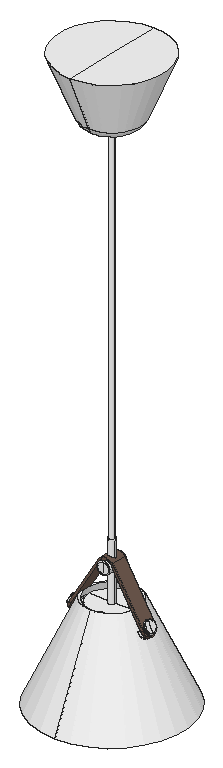
Revit family "Lighting_Pendants_Nordlux_Strap_16", category Lighting Fixtures, host Ceiling, Revit 2017
Family settings
  Host = Ceiling
  Round Connector Dimension = Use Diameter
  Part Type = Normal
  OmniClass Number = 23.80.70.11
  OmniClass Title = Luminaries for Internal Lighting
  Always vertical = Yes
  Cut with Voids When Loaded = No
  Light Source = Yes
  Shared = No
  Room Calculation Point = No
Parameters (values of type "Strap 16 - white with brown straps")
  Wattage = 6.7321 W
  WarrantyStartDate [instance] = "n/a"
  WarrantyGuarantorParts = "n/a"
  WarrantyGuarantorLabor = "n/a"
  WarrantyDurationUnit = "Hours"
  WarrantyDurationParts = "n/a"
  WarrantyDurationLabor = "n/a"
  WarrantyDescription = "n/a"
  built-in parameter 1150110 = 1 (stored number, unit not read)
  VersionDate = "09/08/2019"  # constant formula
  Version = "1"  # constant formula
  UsageCurrent = 0 A
  Uniclass2015Reference = "Pr_70_70_48_62"
  Uniclass2015Description = "Pendant  luminaires"
  Uniclass2 = "Pr_70_70_49_86"
  URL = "https://www.nordlux.com/products/product/84303001"
  TotalWattage = 35 W
  built-in parameter 1114217 = 1 (stored number, unit not read)
  Tilt Angle = 90.00°
  built-in parameter 1150109 = 1 (stored number, unit not read)
  built-in parameter 1150134 = (empty or 0)
  TagNumber [instance] = "n/a"
  SustainabilityPerformance = "n/a"
  built-in parameter 1150113 = 1 (stored number, unit not read)
  Socket = "GU10"
  Size = "Shade: 165x165x170 mm / Canopy: 120x120x73 mm"
  Shape = "Sculptured"
  SerialNumber [instance] = "n/a"
  Revision = "n/a"
  ReplacementCost = "n/a"
  ProductInformation = "n/a"
  Product data url = "https://www.bimobject.com/nordlux/product/strap_16_gu10_pendant"
  Photometric Web File = "8430 Strap 16 Pendel Hvid.ies"
  PhaseReference = "n/a"
  PhaseAngle = 0.00°
  NumberOfSources = 0
  NumberOfPoles = 1
  NominalWidth = NominalDiameter  # 165 mm
  NominalVoltageCalc = 0 V
  NominalVoltage = 230 V
  NominalRadius = NominalDiameter / 2  # 82.5 mm
  NominalLength = NominalDiameter  # 165 mm
  NominalHeight [instance] = CableLengthControl + 171.3 mm  # 671.3 mm
  NominalFrequencyRange = 50 Hz
  NominalDiameter = 165 mm
  NominalCurrent = 0 A
  Name = "Strap_16"  # constant formula
  NBSReference = "90-60-50/405"
  NBSDescription = "General purpose luminaires"
  ModelReference = ArticleNumber  # "84303001"
  ModelNumber = "n/a"
  Model = "Strap 16 - white with brown straps"
  Material = "Metal, leather & textile"
  ManufacturersSpecificInformation = "n/a"
  ManufacturerURL = "https://www.nordlux.com/"
  ManufacturerName = "Nordlux"
  Manufacturer = "Nordlux"
  MaintenanceFactor = 0
  Lumens = 1000 lm
  built-in parameter 1150115 = 1 (stored number, unit not read)
  built-in parameter 1150105 = 360.88 (stored number, unit not read)
  LightSource = "Not included"
  LightFixtureTertiaryMaterial = Brown leather
  LightFixtureSecondaryMaterial = White cable
  LightFixtureQuaternaryMaterial = Chrome
  LightFixturePlacingType = "Ceilling"
  LightFixtureMountingType = "Suspended"
  LightFixtureMainMaterial = White
  built-in parameter 1150137 = (empty or 0)
  built-in parameter 1150139 = (empty or 0)
  LensMaterial = Glass
  built-in parameter 1150112 = 1 (stored number, unit not read)
  built-in parameter 1150114 = 1 (stored number, unit not read)
  InsulationStandardClass = "Class 2 (Double isolated)"
  InstallationDate [instance] = "n/a"
  built-in parameter 1150132 = 2
  built-in parameter 1150102 = (empty or 0)
  built-in parameter 1150138 = (empty or 0)
  built-in parameter 1150107 = 3000 (stored number, unit not read)
  built-in parameter 1150106 = 3.6088 (stored number, unit not read)
  IfcExportType = "NOTDEFINED"  # constant formula
  IfcExportAs = "IfcLightFixtureType"  # constant formula
  IP_Code = "IP20"
  HasProtectiveEarth = no
  Grade = "n/a"
  Finish = "Primary material metal, secondary material leather, textile cable."
  Features = "Textile cable 300cm. Cable can not be replaced."
  ExpectedLife = "n/a"
  EnergyClass = "A++ -D"
  Emit from Circle Diameter = 60 mm
  Emit Shape Visible in Rendering = no
  ElectricalDeviceNominalPower = 0
  built-in parameter 1150104 = 13.8 (stored number, unit not read)
  EANNumber = "5701581364882"
  DurationUnit = "Hours"
  Dimming Lamp Color Temperature Shift = <None>
  Designer = "BJORN + BALLE"
  Description = "Metal and leather go well with the light Nordic style. The combination of these materials also allows the light to visually interact with a modern interior, where combining materials is one of the biggest current trends. With STRAP it seems obvious – just as obvious as how a Nordic light design is named after a leather strap. The narrow and elegant leather gives STRAP both a warm and raw look, which balances between the classic and the industrial. It comes with two leather straps in brown and black respectively, so it's up to you to give the STRAP the final look."
  DefaultElevation = 0 mm
  ConvergoRefNr = "0143-1909-0012-DK"
  Constituents = "n/a"
  Color Filter = 16777215
  Color = "White"
  Collection = "Strap"
  CodePerformance = "n/a"
  Category = "Indoor lighting"
  CableLengthControl [instance] = if(CableLength < 250 mm, 250 mm, if(CableLength > 3000 mm, 3000 mm, CableLength))  # 500 mm
  CableLength [instance] = 500 mm
  Brand = "Nordlux"
  Barcode [instance] = "n/a"
  built-in parameter 1114218 = 1 (stored number, unit not read)
  BIMObjectName = "Lighting_Pendants_Nordlux_Strap_16"  # constant formula
  Author = "Convergo AB"  # constant formula
  built-in parameter 1150133 = 10 (stored number, unit not read)
  AssetType = "Fixed"
  AssetIdentifier [instance] = "n/a"
  ArticleNumber = "84303001"
  AccessibilityPerformance = "n/a"
Types (4, lengths in mm): name | URL | ModelReference | Model | LightFixtureTertiaryMaterial | LightFixtureSecondaryMaterial | LightFixtureMainMaterial | EANNumber | Color | ArticleNumber
  Strap 16 - black with black straps | "https://www.nordlux.com/products/product/84303003" | "84303003" | "Strap 16 - black with black straps" | Black leather | Black cable | Black | "5701581364981" | "Black" | "84303003"
  Strap 16 - black with brown straps | "https://www.nordlux.com/products/product/84303003" | "84303003" | "Strap 16 - black with brown straps" | Brown leather | Black cable | Black | "5701581364981" | "Black" | "84303003"
  Strap 16 - white with black straps | "https://www.nordlux.com/products/product/84303001" | "84303001" | "Strap 16 - white with black straps" | Black leather | White cable | White | "5701581364882" | "White" | "84303001"
  Strap 16 - white with brown straps | "https://www.nordlux.com/products/product/84303001" | "84303001" | "Strap 16 - white with brown straps" | Brown leather | White cable | White | "5701581364882" | "White" | "84303001"
Reference planes
  plane 1 "Light Source Axis (F/B)": y = 0
  plane 2: z = 0
  plane 3 "Light Source Axis (L/R)": x = 0
  plane 4 "Ceiling": z = 4000
  plane 5 "Light Source Elevation": z = 3359.493
  plane 6: z = 3500
  plane 7: x = -82.5
  plane 8: y = 82.5
  plane 9: x = 82.5
  plane 10: y = -82.5
  plane 11: z = 3500
  plane 12: z = 3328.7
Forms (mm)
  Extrusion 1, solid, material "White" <- "LightFixtureMainMaterial", detail levels coarse
    sketch origin (0, 6000, 3328.7) x (0, 1, 0) y (1, 0, 0)
      loop
        line (-5917.5, -82.5) -> (-5917.5, 82.5) -> (-6082.5, 82.5) -> (-6082.5, -82.5) -> (-5917.5, -82.5)
    from 0 to -671.3
Lines and regions (mm)
  symbolic lines
    curve 1: line (3, 0, 4000) -> (-3, 0, 4000)
  symbolic lines, detail levels medium+fine
    curve 2: line (3, 0, 3927) -> (3, 0, 3500)
    curve 3: line (-3, 0, 3927) -> (-3, 0, 3500)
    curve 4: line (0, 3, 3927) -> (0, 3, 3500)
    curve 5: line (0, -3, 3927) -> (0, -3, 3500)
Dimensions and locks
  equal spacing: host sketch curve, plane 3 "Light Source Axis (L/R)", host sketch curve
  equal spacing: host sketch curve, plane 1 "Light Source Axis (F/B)", host sketch curve
  host sketch curve to host sketch curve = 4000 mm  (x2)
  locked: plane 4 "Ceiling" to host ceiling at 0
  equal spacing: plane 10, plane 1 "Light Source Axis (F/B)", plane 8
  "NominalDiameter": plane 8 to plane 10
  equal spacing: plane 7, plane 3 "Light Source Axis (L/R)", plane 9
  "NominalDiameter": plane 7 to plane 9
  "CableLengthControl": plane 11 to plane 4 "Ceiling"
  locked: plane 12 to plane 5 "Light Source Elevation" at 30.793
  "NominalHeight": plane 12 to plane 4 "Ceiling"
  aligned and locked: plane 3 "Light Source Axis (L/R)" to imposter light
  aligned and locked: plane 1 "Light Source Axis (F/B)" to imposter light
  aligned and locked: plane 5 "Light Source Elevation" to imposter light
  aligned and locked: plane 4 "Ceiling" to curve 1  (x2)
  aligned and locked: plane 8 to Extrusion 1 sketch curve
  aligned and locked: plane 7 to Extrusion 1 sketch curve
  aligned and locked: plane 10 to Extrusion 1 sketch curve
  aligned and locked: plane 9 to Extrusion 1 sketch curve
  aligned and locked: Extrusion 1 to plane 4 "Ceiling"
  aligned and locked: curve 2 to nested 2
  aligned and locked: curve 3 to nested 2
  aligned and locked: plane 11 to curve 2
  aligned and locked: plane 11 to curve 3
  aligned and locked: curve 4 to nested 2
  aligned and locked: curve 5 to nested 2
  aligned and locked: plane 11 to curve 5
  aligned and locked: plane 11 to curve 4
  aligned and locked: nested 2 to plane 4 "Ceiling"
  aligned and locked: plane 12 to nested 1
  aligned and locked: plane 3 "Light Source Axis (L/R)" to nested 1
Automatic sketch dimensions
  curve 1 to plane 3 "Light Source Axis (L/R)" = 3 mm
  curve 3 to plane 3 "Light Source Axis (L/R)" = 3 mm
  plane 3 "Light Source Axis (L/R)" to curve 2 = 3 mm
  plane 3 "Light Source Axis (L/R)" to curve 1 = 3 mm
  plane 1 "Light Source Axis (F/B)" to curve 5 = 3 mm
  curve 4 to plane 1 "Light Source Axis (F/B)" = 3 mm
Nested families
  nested 1: "Strap_16" at (0, 0, 3328.701), Metal <- "LightFixtureMainMaterial", Glass <- "LensMaterial", Nuts <- "LightFixtureQuaternaryMaterial", Strap <- "LightFixtureTertiaryMaterial", type "Strap_16"
    with Strap Brown leather, Nuts Chrome, Metal White, Glass Glass
  nested 2: "CeillingCap" at (0, 0, 4000) x (1, 0, 0) z (0, 0, -1), Cable <- "LightFixtureSecondaryMaterial", Metal <- "LightFixtureMainMaterial", CableLength <- "CableLengthControl", type "CeillingCap"
    with Metal White, CableLength 500 mm, Cable White cable
Connectors
  electrical at (0, 0, 4000), driven by "NumberOfPoles", driven by "NominalVoltage"
    settings: on nested 2, index 1, voltage 230 V, apparent load 0 VA, apparent load phase1 0 VA, apparent load phase2 0 VA, apparent load phase3 0 VA, power factor 1, load classification "Other", number of poles 1, system type 31, power factor state 1, is connector primary yes, connector utility no, sub classification motor no, connector description ""
Definition of nested family "Strap_16"
  Parameters (values of type "Strap_16")
    Strap [instance] = none
    Nuts [instance] = none
    Metal [instance] = none
    Glass [instance] = none
  Reference planes
    plane 1 "Center (Front/Back)": y = 0
    plane 2: z = 0
    plane 3 "Center (Left/Right)": x = 0
    plane 4: z = 171.293
    plane 5: z = 30.793
  Forms (mm)
    Revolve 1, solid, material <- "Metal", detail levels medium+fine
      sketch origin (0, 0, 0) x (0, 1, 0) y (0, 0, 1)
        loop
          line (81.093, -0.001) -> (82.501, 0.512)
          arc (82.501, 0.512) -> (58.841, 56.399) -> (30.478, 110.052) r 707.47
          line (30.478, 110.052) -> (29.161, 109.282)
          arc (29.161, 109.282) -> (57.472, 55.755) -> (81.093, -0.001) r 705.97
        axis (0, 110.052) -> (0, -0.001)
      angle from 0 to 360
    Revolve 2, solid, material <- "Glass", detail levels medium+fine
      sketch origin (0, 0, 0) x (0, 1, 0) y (0, 0, 1)
        loop
          line (0, 30.793) -> (25, 30.793) -> (25, 32.793) -> (22.5, 32.793) -> (22.5, 39.96)
          arc (22.5, 39.96) -> (19.463, 53.223) -> (10.957, 63.843) r 30.481
          line (10.957, 63.843) -> (10.957, 83.843) -> (0, 83.843) -> (0, 30.793)
        axis (0, 83.843) -> (0, 30.793)
      angle from 0 to 360
    Revolve 3, solid, material <- "Metal", detail levels medium+fine
      sketch origin (0, 0, 0) x (1, 0, 0) y (0, 0, 1)
        loop
          line (-4, 105.293) -> (-25, 105.293) -> (-25, 102.293) -> (-11.955, 102.293) -> (-11.955, 92.293) -> (-13.756, 92.293) -> (-13.756, 76.493) -> (-10.957, 76.493) -> (-10.957, 83.843) -> (0, 83.843) -> (0, 171.293) -> (-4, 171.293) -> (-4, 105.293)
        axis (0, 76.493) -> (0, 171.293)
      angle from 0 to 360
    Extrusion 4, solid, material <- "Strap", detail levels medium+fine
      sketch origin (0, 0, 0) x (1, 0, 0) y (0, 0, 1)
        loop
          arc (-5.798, 149.247) -> (0, 152.326) -> (5.798, 149.247) r 7
          arc (5.798, 149.247) -> (26.067, 117.489) -> (44.617, 84.696) r 707.47
          line (44.617, 84.696) -> (46.825, 85.869)
          arc (46.825, 85.869) -> (28.198, 118.797) -> (7.843, 150.687) r 709.97
          arc (7.843, 150.687) -> (0, 154.85) -> (-7.843, 150.687) r 9.469
          arc (-7.843, 150.687) -> (-28.198, 118.797) -> (-46.825, 85.869) r 709.97
          line (-46.825, 85.869) -> (-44.617, 84.696)
          arc (-44.617, 84.696) -> (-26.067, 117.489) -> (-5.798, 149.247) r 707.47
      from -9 to 9
    Sweep 5, void
      path in 3D
        loop
          line (43.513, -9, 84.11) -> (47.929, -9, 86.455)
      profile origin (45.721, -9, 85.282) x (-0.469002, 0, 0.883197) y (0, -1, 0)
        loop
          line (-1, 0) -> (-1, -18) -> (9, -18)
          arc (9, -18) -> (0, -9) -> (9, 0) r 9
          line (9, 0) -> (-1, 0)
    Sweep 6, void
      path in 3D
        loop
          line (-43.513, -9, 84.11) -> (-47.929, -9, 86.455)
      profile origin (-45.721, -9, 85.282) x (-0.469002, 0, -0.883197) y (0, -1, 0)
        loop
          line (1, 0) -> (-9, 0)
          arc (-9, 0) -> (0, -9) -> (-9, -18) r 9
          line (-9, -18) -> (1, -18) -> (1, 0)
    Revolve 7, solid, material <- "Nuts", detail levels medium+fine
      sketch origin (0, 0, 0) x (1, 0, 0) y (0, 0, 1)
        loop
          line (-45.053, 95.225) -> (-31.889, 88.035) -> (-30.93, 89.79) -> (-33.547, 91.22) -> (-30.898, 96.069)
          arc (-30.898, 96.069) -> (-30.857, 96.449) -> (-31.097, 96.747) r 0.5
          line (-31.097, 96.747) -> (-33.291, 97.946) -> (-32.345, 99.679) -> (-33.222, 100.158)
          arc (-33.222, 100.158) -> (-35.68, 96.969) -> (-37.716, 93.497) r 31.869
          line (-37.716, 93.497) -> (-41.462, 95.543) -> (-39.065, 99.931) -> (-41.259, 101.129)
          arc (-41.259, 101.129) -> (-41.639, 101.17) -> (-41.937, 100.93) r 0.5
          line (-41.937, 100.93) -> (-45.053, 95.225)
        axis (-45.053, 95.225) -> (-31.889, 88.035)
      angle from 0 to 360
    Revolve 8, solid, material <- "Nuts", detail levels medium+fine
      sketch origin (0, 0, 0) x (-1, 0, 0) y (0, 0, 1)
        loop
          line (-45.053, 95.225) -> (-31.889, 88.035) -> (-30.93, 89.79) -> (-33.547, 91.22) -> (-30.898, 96.069)
          arc (-30.898, 96.069) -> (-30.857, 96.449) -> (-31.097, 96.747) r 0.5
          line (-31.097, 96.747) -> (-33.291, 97.946) -> (-32.345, 99.679) -> (-33.222, 100.158)
          arc (-33.222, 100.158) -> (-35.68, 96.969) -> (-37.716, 93.497) r 31.869
          line (-37.716, 93.497) -> (-41.462, 95.543) -> (-39.065, 99.931) -> (-41.259, 101.129)
          arc (-41.259, 101.129) -> (-41.639, 101.17) -> (-41.937, 100.93) r 0.5
          line (-41.937, 100.93) -> (-45.053, 95.225)
        axis (-45.053, 95.225) -> (-31.889, 88.035)
      angle from 0 to 360
    Revolve 9, solid, material <- "Metal", detail levels medium+fine
      sketch origin (0, 0, 0) x (0, 1, 0) y (0, 0, 1)
        loop
          line (12.5, 145.326) -> (12.5, 151.826)
          arc (12.5, 151.826) -> (12.354, 152.179) -> (12, 152.326) r 0.5
          line (12, 152.326) -> (-12, 152.326)
          arc (-12, 152.326) -> (-12.354, 152.179) -> (-12.5, 151.826) r 0.5
          line (-12.5, 151.826) -> (-12.5, 145.326) -> (12.5, 145.326)
        axis (-12.5, 145.326) -> (12.5, 145.326)
      angle from 0 to 360
  Cuts and joins
    Sweep 5, Sweep 6 cuts Extrusion 4
    joined: Revolve 1, Revolve 3, Revolve 9
    joined: Revolve 7, Revolve 8
  Lines and regions (mm)
    sketch lines
      curve 1: line (43.513, -9, 84.11) -> (47.929, -9, 86.455)
      curve 2: line (-43.513, -9, 84.11) -> (-47.929, -9, 86.455)
    symbolic lines, detail levels medium+fine
      curve 3: line (-81.093, 0, -0.001) -> (0, 0, -0.001)
      curve 4: line (-82.501, 0, 0.512) -> (-81.093, 0, -0.001)
      curve 6: arc (-7.843, 0, 150.687) -> (-24.028, 0, 125.642) -> (-39.148, 0, 99.94) r 709.97
      curve 7: line (-46.825, 0, 85.869) -> (-44.617, 0, 84.696)
      curve 8: arc (-44.617, 0, 84.696) -> (-64.934, 0, 43.223) -> (-82.501, 0, 0.512) r 707.47
      curve 9: line (-48.409, 0, 89.082) -> (-41.698, 0, 101.369)
      curve 10: line (-48.409, 0, 89.082) -> (-45.844, 0, 87.71)
      curve 11: line (-41.698, 0, 101.369) -> (-39.148, 0, 99.94)
      curve 13: line (-4, 0, 171.293) -> (-4, 0, 153.964)
      curve 15: line (-3, 0, 171.293) -> (-4, 0, 171.293)
      curve 20: arc (-45.844, 0, 87.71) -> (-46.335, 0, 86.79) -> (-46.825, 0, 85.869) r 709.97
      curve 21: arc (-4, 0, 153.964) -> (-6.144, 0, 152.586) -> (-7.843, 0, 150.687) r 9.469
      curve 23: line (81.093, 0, -0.001) -> (0, 0, -0.001)
      curve 24: line (82.501, 0, 0.512) -> (81.093, 0, -0.001)
      curve 26: arc (7.843, 0, 150.687) -> (24.028, 0, 125.642) -> (39.148, 0, 99.94) r 709.97
      curve 27: line (46.825, 0, 85.869) -> (44.617, 0, 84.696)
      curve 28: arc (44.617, 0, 84.696) -> (64.934, 0, 43.223) -> (82.501, 0, 0.512) r 707.47
      curve 29: line (48.167, 0, 89.525) -> (41.94, 0, 100.925)
      curve 30: line (47.964, 0, 88.844) -> (45.844, 0, 87.71)
      curve 31: line (41.257, 0, 101.122) -> (39.148, 0, 99.94)
      curve 33: line (4, 0, 171.293) -> (4, 0, 153.964)
      curve 35: line (3, 0, 171.293) -> (4, 0, 171.293)
      curve 40: arc (45.844, 0, 87.71) -> (46.335, 0, 86.79) -> (46.825, 0, 85.869) r 709.97
      curve 41: arc (4, 0, 153.964) -> (6.144, 0, 152.586) -> (7.843, 0, 150.687) r 9.469
      curve 43: line (0, 0, -0.001) -> (0, 81.093, -0.001)
      curve 44: line (0, 81.093, -0.001) -> (0, 82.501, 0.512)
      curve 45: arc (0, 82.501, 0.512) -> (0, 58.841, 56.399) -> (0, 30.478, 110.052) r 707.47
      curve 46: line (0, 9, 110.052) -> (0, 30.478, 110.052)
      curve 48: line (0, 12.5, 151.826) -> (0, 12.5, 138.826)
      curve 49: line (0, 12, 138.326) -> (0, 9, 138.326)
      curve 50: line (0, 12, 152.326) -> (0, 9, 152.326)
      curve 51: arc (0, 12, 152.326) -> (0, 12.354, 152.179) -> (0, 12.5, 151.826) r 0.5
      curve 52: arc (0, 12.5, 138.826) -> (0, 12.354, 138.472) -> (0, 12, 138.326) r 0.5
      curve 53: arc (41.257, 0, 101.122) -> (41.639, 0, 101.166) -> (41.94, 0, 100.925) r 0.5
      curve 54: arc (48.167, 0, 89.525) -> (48.207, 0, 89.142) -> (47.964, 0, 88.844) r 0.5
      curve 55: line (0, 9, 154.85) -> (0, 4, 154.85)
      curve 56: line (0, 4, 171.293) -> (0, 4, 154.85)
      curve 57: line (0, 4, 171.293) -> (0, 3, 171.293)
      curve 66: line (0, 9, 110.052) -> (0, 9, 138.326)
      curve 68: line (0, 9, 152.326) -> (0, 9, 154.85)
      curve 71: line (0, 0, -0.001) -> (0, -81.093, -0.001)
      curve 72: line (0, -81.093, -0.001) -> (0, -82.501, 0.512)
      curve 73: arc (0, -82.501, 0.512) -> (0, -58.841, 56.399) -> (0, -30.478, 110.052) r 707.47
      curve 74: line (0, -9, 110.052) -> (0, -30.478, 110.052)
      curve 76: line (0, -12.5, 151.826) -> (0, -12.5, 138.826)
      curve 77: line (0, -12, 138.326) -> (0, -9, 138.326)
      curve 78: line (0, -12, 152.326) -> (0, -9, 152.326)
      curve 79: arc (0, -12, 152.326) -> (0, -12.354, 152.179) -> (0, -12.5, 151.826) r 0.5
      curve 80: arc (0, -12.5, 138.826) -> (0, -12.354, 138.472) -> (0, -12, 138.326) r 0.5
      curve 81: line (0, -9, 154.85) -> (0, -4, 154.85)
      curve 82: line (0, -4, 171.293) -> (0, -4, 154.85)
      curve 83: line (0, -4, 171.293) -> (0, -3, 171.293)
      curve 92: line (0, -9, 110.052) -> (0, -9, 138.326)
      curve 94: line (0, -9, 152.326) -> (0, -9, 154.85)
      curve 95: circle (0, 0, 0) r 82.501 normal (0, 0, 1)
    symbolic lines, detail levels fine
      curve 5: arc (-30.478, 0, 110.052) -> (-37.678, 0, 97.447) -> (-44.617, 0, 84.696) r 707.47
      curve 12: arc (0, 0, 154.85) -> (-2.049, 0, 154.626) -> (-4, 0, 153.964) r 9.469
      curve 14: line (0, 0, 171.293) -> (-3, 0, 171.293)
      curve 16: arc (-30.478, 0, 110.052) -> (-18.459, 0, 129.852) -> (-5.798, 0, 149.247) r 707.47
      curve 17: arc (0, 0, 138.326) -> (-7, 0, 145.326) -> (0, 0, 152.326) r 7
      curve 18: line (-4, 0, 139.581) -> (-4, 0, 110.052)
      curve 19: arc (-39.148, 0, 99.94) -> (-42.526, 0, 93.842) -> (-45.844, 0, 87.71) r 709.97
      curve 22: line (0, 0, 110.052) -> (-30.478, 0, 110.052)
      curve 25: arc (30.478, 0, 110.052) -> (37.678, 0, 97.447) -> (44.617, 0, 84.696) r 707.47
      curve 32: arc (0, 0, 154.85) -> (2.049, 0, 154.626) -> (4, 0, 153.964) r 9.469
      curve 34: line (0, 0, 171.293) -> (3, 0, 171.293)
      curve 36: arc (30.478, 0, 110.052) -> (18.459, 0, 129.852) -> (5.798, 0, 149.247) r 707.47
      curve 37: arc (0, 0, 138.326) -> (7, 0, 145.326) -> (0, 0, 152.326) r 7
      curve 38: line (4, 0, 139.581) -> (4, 0, 110.052)
      curve 39: arc (39.148, 0, 99.94) -> (42.526, 0, 93.842) -> (45.844, 0, 87.71) r 709.97
      curve 42: line (0, 0, 110.052) -> (30.478, 0, 110.052)
      curve 47: line (0, 9, 92.618) -> (0, 9, 110.052)
      curve 58: line (0, 3, 171.293) -> (0, 0, 171.293)
      curve 59: arc (0, 4, 154.85) -> (0, 2.054, 154.154) -> (0, 0, 153.917) r 9.042
      curve 60: spline (0, 0, 84.696) -> (0, 1.175, 84.764) -> (0, 2.329, 84.966) -> (0, 3.444, 85.299) -> (0, 4.5, 85.758) -> (0, 5.479, 86.333) -> (0, 6.364, 87.016) -> (0, 7.14, 87.796) -> (0, 7.794, 88.657) -> (0, 8.315, 89.587) -> (0, 8.693, 90.568) -> (0, 8.923, 91.584) -> (0, 9, 92.618)
      curve 61: spline (0, 9, 93.791) -> (0, 8.923, 92.76) -> (0, 8.693, 91.746) -> (0, 8.315, 90.767) -> (0, 7.794, 89.84) -> (0, 7.14, 88.979) -> (0, 6.364, 88.2) -> (0, 5.479, 87.517) -> (0, 4.5, 86.94) -> (0, 3.444, 86.48) -> (0, 2.329, 86.145) -> (0, 1.175, 85.94) -> (0, 0, 85.869)
      curve 62: spline (0, 7, 93.791) -> (0, 6.941, 92.989) -> (0, 6.762, 92.2) -> (0, 6.468, 91.439) -> (0, 6.063, 90.718) -> (0, 5.555, 90.049) -> (0, 4.951, 89.445) -> (0, 4.263, 88.914) -> (0, 3.501, 88.468) -> (0, 2.68, 88.112) -> (0, 1.812, 87.854) -> (0, 0.914, 87.697) -> (0, 0, 87.644)
      curve 63: spline (0, 7, 95.079) -> (0, 6.94, 95.881) -> (0, 6.761, 96.669) -> (0, 6.467, 97.43) -> (0, 6.062, 98.151) -> (0, 5.553, 98.819) -> (0, 4.95, 99.423) -> (0, 4.261, 99.953) -> (0, 3.5, 100.399) -> (0, 2.679, 100.755) -> (0, 1.812, 101.013) -> (0, 0.914, 101.17) -> (0, 0, 101.222)
      curve 64: line (0, 7, 95.079) -> (0, 7, 93.791)
      curve 65: line (0, 82.501, 0.512) -> (0, 0, 0.512)
      curve 67: line (0, 9, 138.326) -> (0, 9, 152.326)
      curve 69: line (-82.501, 0, 0.512) -> (0, 0, 0.512)
      curve 70: line (82.501, 0, 0.512) -> (0, 0, 0.512)
      curve 75: line (0, -9, 92.618) -> (0, -9, 110.052)
      curve 84: line (0, -3, 171.293) -> (0, 0, 171.293)
      curve 85: arc (0, -4, 154.85) -> (0, -2.054, 154.154) -> (0, 0, 153.917) r 9.042
      curve 86: spline (0, 0, 84.696) -> (0, -1.175, 84.764) -> (0, -2.329, 84.966) -> (0, -3.444, 85.299) -> (0, -4.5, 85.758) -> (0, -5.479, 86.333) -> (0, -6.364, 87.016) -> (0, -7.14, 87.796) -> (0, -7.794, 88.657) -> (0, -8.315, 89.587) -> (0, -8.693, 90.568) -> (0, -8.923, 91.584) -> (0, -9, 92.618)
      curve 87: spline (0, -9, 93.791) -> (0, -8.923, 92.76) -> (0, -8.693, 91.746) -> (0, -8.315, 90.767) -> (0, -7.794, 89.84) -> (0, -7.14, 88.979) -> (0, -6.364, 88.2) -> (0, -5.479, 87.517) -> (0, -4.5, 86.94) -> (0, -3.444, 86.48) -> (0, -2.329, 86.145) -> (0, -1.175, 85.94) -> (0, 0, 85.869)
      curve 88: spline (0, -7, 93.791) -> (0, -6.941, 92.989) -> (0, -6.762, 92.2) -> (0, -6.468, 91.439) -> (0, -6.063, 90.718) -> (0, -5.555, 90.049) -> (0, -4.951, 89.445) -> (0, -4.263, 88.914) -> (0, -3.501, 88.468) -> (0, -2.68, 88.112) -> (0, -1.812, 87.854) -> (0, -0.914, 87.697) -> (0, 0, 87.644)
      curve 89: spline (0, -7, 95.079) -> (0, -6.94, 95.881) -> (0, -6.761, 96.669) -> (0, -6.467, 97.43) -> (0, -6.062, 98.151) -> (0, -5.553, 98.819) -> (0, -4.95, 99.423) -> (0, -4.261, 99.953) -> (0, -3.5, 100.399) -> (0, -2.679, 100.755) -> (0, -1.812, 101.013) -> (0, -0.914, 101.17) -> (0, 0, 101.222)
      curve 90: line (0, -7, 95.079) -> (0, -7, 93.791)
      curve 91: line (0, -82.501, 0.512) -> (0, 0, 0.512)
      curve 93: line (0, -9, 138.326) -> (0, -9, 152.326)
      curve 96: circle (0, 0, 0) r 81.093 normal (0, 0, 1)
      curve 97: circle (0, 0, 0) r 29.161 normal (0, 0, 1)
      curve 98: circle (0, 0, 0) r 25 normal (0, 0, 1)
      curve 99: line (-23.324, 9, 0) -> (-27.737, 9, 0)
      curve 100: line (-27.737, -9, 0) -> (-23.324, -9, 0)
      curve 101: line (23.324, 9, 0) -> (27.737, 9, 0)
      curve 102: line (27.737, -9, 0) -> (23.324, -9, 0)
  Dimensions and locks
    aligned and locked: level to plane 2
Definition of nested family "CeillingCap"
  Parameters (values of type "CeillingCap")
    Metal [instance] = none
    Default Elevation = 1219.2 mm
    CableLength [instance] = 250 mm
    Cable [instance] = none
  Reference planes
    plane 1 "Center (Front/Back)": y = 0
    plane 2: z = 0
    plane 3 "Center (Left/Right)": x = 0
  Forms (mm)
    Revolve 1, solid, material <- "Metal", detail levels medium+fine
      sketch origin (0, 0, 0) x (0, 1, 0) y (0, 0, 1)
        loop
          line (0, 0) -> (60, 0) -> (33.516, 63.754)
          arc (33.516, 63.754) -> (20.044, 72.995) -> (6.121, 64.449) r 15
          line (6.121, 64.449) -> (0, 64.449) -> (0, 0)
        axis (0, 64.449) -> (0, 0)
      angle from 0 to 360
    Extrusion 2, solid, material <- "Cable", detail levels medium+fine
      sketch origin (0, 0, 0) x (1, 0, 0) y (0, 1, 0)
        loop
          circle (0, 0) r 3
      from 10 to 250 <- "CableLength"
  Lines and regions (mm)
    symbolic lines, detail levels medium+fine
      curve 1: line (0, 0, 0) -> (-60, 0, 0)
      curve 2: line (-33.516, 0, 63.754) -> (-60, 0, 0)
      curve 3: arc (-19.664, 0, 73) -> (-27.991, 0, 70.476) -> (-33.516, 0, 63.754) r 15
      curve 4: line (-3, 0, 73) -> (-19.664, 0, 73)
      curve 6: line (0, 0, 0) -> (60, 0, 0)
      curve 7: line (33.516, 0, 63.754) -> (60, 0, 0)
      curve 8: arc (19.664, 0, 73) -> (27.991, 0, 70.476) -> (33.516, 0, 63.754) r 15
      curve 9: line (3, 0, 73) -> (19.664, 0, 73)
      curve 11: line (0, 60, 0) -> (0, 0, 0)
      curve 12: line (0, 60, 0) -> (0, 33.516, 63.754)
      curve 13: arc (0, 33.516, 63.754) -> (0, 27.991, 70.476) -> (0, 19.664, 73) r 15
      curve 14: line (0, 3, 73) -> (0, 19.664, 73)
      curve 16: line (0, -60, 0) -> (0, 0, 0)
      curve 17: line (0, -60, 0) -> (0, -33.516, 63.754)
      curve 18: arc (0, -33.516, 63.754) -> (0, -27.991, 70.476) -> (0, -19.664, 73) r 15
      curve 19: line (0, -3, 73) -> (0, -19.664, 73)
    symbolic lines, detail levels fine
      curve 5: line (0, 0, 73) -> (-3, 0, 73)
      curve 10: line (0, 0, 73) -> (3, 0, 73)
      curve 15: line (0, 0, 73) -> (0, 3, 73)
      curve 20: line (0, 0, 73) -> (0, -3, 73)
  Dimensions and locks
    aligned and locked: level to plane 2
